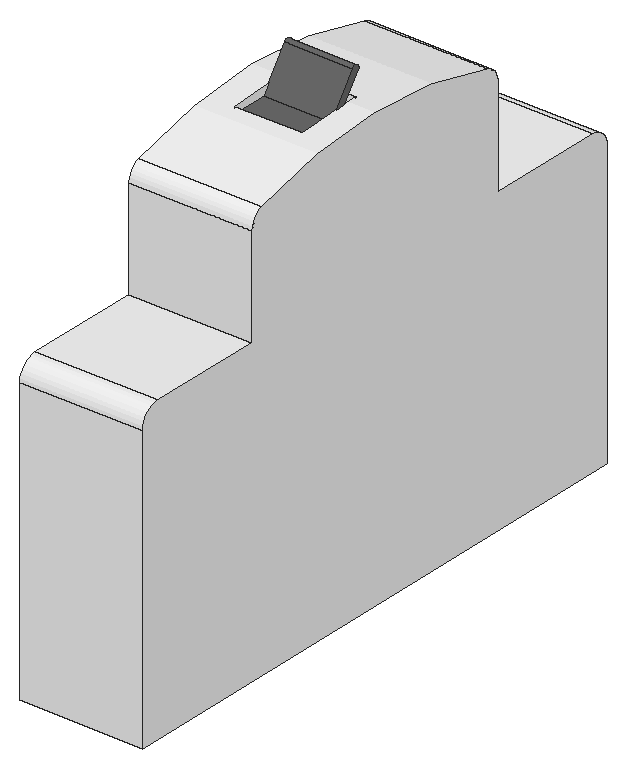
Revit family "Power-ModularDevices-GEWISS-90MCB-MTC45_1PN", category Apparecchi elettrici, host Superficie, Revit 2016
Family settings
  Host = Superficie
  Mantenere orientamento annotazione = Sì
  Tipo di parte = Normale
  Quota connettore circolare = Usa diametro
  Numero OmniClass = 23.80.30.14
  Titolo OmniClass = Power Distribution
  Taglio con vuoti quando caricato = No
  Condiviso = Sì
  Punto di calcolo locali = Sì
Parameters (values of type "GW90031 - COMPACT MCB 1P+N C13 4,5KA 1M")
  Voltaggio = 230 V
  Vista di pianta [instance] = yes
  Version file RFA = "19.0"
  URL = "https://www.gewiss.com/ww/en"
  Technical sheet = "https://www.gewiss.com/ww/en/search?q=GW90031"
  Stocking temperature = "-40 +70 °C"
  Standard; = "EN 60898, EN 60947-2"
  Standard = "EN 60898, EN 60947-2"
  Spostamento_x [instance] = 0 mm
  Spostamento effettivo_x [instance] = 4000 mm + Spostamento_x  # 4000 mm
  Spessore = 150 mm
  Simbolo_ [instance] = yes
  Section rigid cable = "<=1x16 - <=1x10+1x6 mm²"
  Section flexible cable = "<=1x10 - <=2x6 mm²"
  SEO = "MCB"
  Realized by GEWISS S.p.A. = ""
  Rated voltage = "230V"
  Rated tightening torque = "1.2 Nm"
  Rated insulation voltage (Ui) = "500V"
  Rated impulse withstand voltage = "4KV"
  Rated frequency (Hz) = "50/60 Hz"
  Rated current: = "13A"
  Rated current (In) = "13A"
  Default Elevation = 1219.2 mm
  Produttore = "GEWISS S.p.A."
  Parti incassate = yes
  Operating temperature = "-25 +60 °C"
  Numero di poli_ = 1
  Number of poles = "1P+N"
  No. of poles = "1P+N"
  No. of modules EN 50022 = "1"
  No. modules = "1"
  Modello = "GW90031"
  Minimum operating voltage = "12V ac/dc"
  Mechanical endurance = "20.000"
  Maximum operating voltage = "440V AC / 220V DC"
  Larghezza = 18 mm  # constant formula
  Label = "MTC 45"
  Interuttore = Grigio scuro
  Insulation voltage = "500V"
  Immagine tipo = GW90031.jpg
  IFC.TypeObject = ""
  IFC.ExportType = ""
  IFC.ExportAs = ""
  IDT = "2dbc19b2-da5e-4e9f-9248-a6ecd1d38506"
  IDF = "7a3b7c7f-80df-42a1-8709-a049bc15c2e7"
  Finitura = Grigio chiaro
  Electrocod = "1411"
  Electrical endurance = "10000"
  EAN code = "8011564225220"
  Distanza orizzontale del simbolo [instance] = 0 mm
  Distanza dal piano [instance] = 21 mm
  Distanza dal muro [instance] = 4.208 mm
  Descrizione = "COMPACT MCB 1P+N C13 4,5KA 1M"
  Description = "COMPACT MINIATURE CIRCUIT BREAKER"
  Curve = "C"
  Catalogue Range = "90 MCB"
  Catalogue = "POWER"
  Carico apparente = 0 VA
  COBie.Tagnumber = ""
  COBie.CreatedOn = ""
  COBie.CreatebBy = ""
  COBie.ComponentRegisterItemID = ""
  COBie.Component.TagNumber = ""
  COBie.Component.Space = ""
  COBie.Component.SerialNumber = ""
  COBie.Component.InstallationDate = ""
  COBie.Component.Description = ""
  COBie.Component.BarCode = ""
  Breaking capacity EN 60947-2 230V (Icu) = "6KA"
  Breaking capacity EN 60947-2 (Ics) = "100% Icu"
  Breaking capacity EN 60898 230V (Icn) = "4500A"
  Breaking capacity EN 60898 (Ics) = "1 x Icn"
  Breaking capacity (EN 60898) = "1 x Icn"
  Altezza = 85 mm
Reference planes
  plane 1 "Centro (Fronte/Retro)": y = 0
  plane 2: z = 0
  plane 3 "Centro (Sinistra/Destra)": x = 0
  plane 4: x = -9
  plane 5: x = 9
  plane 6: y = 42.5
  plane 7: y = -42.5
  plane 8: z = 60
  plane 9 "fori": z = -0.352
  plane 10: x = 5.016
  plane 11: x = -4.969
  plane 12 "scritta": z = 18.599
  plane 13: z = 76.771
  plane 14: y = -24.168
  plane 15: y = -19.765
  plane 16: x = -13.969
  plane 17: x = 16.787
  plane 18: z = 8.27
  plane 19: z = 15.599
  plane 20: z = 21
  plane 21: through (0, -3.625, 76.111) normal (0, -0.809, 0.5878)
  plane 22: y = -8.226
  plane 23: y = 1.53
  plane 24: y = -22.5
  plane 25: y = 22.5
  plane 26: x = 14.016
  plane 27: z = 17.288
  plane 28: x = 90.305
  plane 29: z = -0.352
  plane 30: x = -4000
  plane 31: x = 0
  plane 32: through (-1719.2, -170.6, 1219.2) normal (-0.9397, 0.342, 0)
  plane 33: x = -641.654
  plane 34: through (569, -170.6, 1219.2) normal (-0.9397, -0.342, 0)
Forms (mm)
  Extrusion 1, solid, material "Grigio chiaro" <- "Finitura"
    sketch origin (0, 0, -44.793) x (0, 1, 0) y (0, 0, 1)
      loop
        line (39.866, 44.441) -> (22.5, 44.441) -> (22.5, 59.159)
        arc (22.5, 59.159) -> (21.957, 60.596) -> (20.702, 61.483) r 2.623
        arc (20.702, 61.483) -> (-0.001, 64.801) -> (-20.704, 61.483) r 66.237
        arc (-20.704, 61.483) -> (-21.952, 60.604) -> (-22.5, 59.18) r 2.623
        line (-22.5, 59.18) -> (-22.5, 44.441) -> (-39.676, 44.441)
        arc (-39.676, 44.441) -> (-41.673, 43.614) -> (-42.5, 41.617) r 2.824
        line (-42.5, 41.617) -> (-42.5, 0) -> (42.5, 0) -> (42.5, 41.807)
        arc (42.5, 41.807) -> (41.728, 43.67) -> (39.866, 44.441) r 2.634
    from -9 to 9
  Extrusion 2, solid, material "Grigio chiaro" <- "Finitura", not visible
    sketch origin (0, 0, 13.225) x (0, 1, 0) y (0, 0, 1)
      loop
        line (38.593, 46.775) -> (21.211, 46.775) -> (21.211, 59.159)
        arc (21.211, 59.159) -> (20.668, 60.596) -> (19.413, 61.483) r 2.623
        arc (19.413, 61.483) -> (-1.29, 64.801) -> (-21.993, 61.483) r 66.237
        arc (-21.993, 61.483) -> (-23.247, 60.596) -> (-23.79, 59.159) r 2.623
        line (-23.79, 59.159) -> (-23.79, 46.775) -> (-39.676, 46.775)
        arc (-39.676, 46.775) -> (-41.673, 45.948) -> (-42.5, 43.951) r 2.824
        line (-42.5, 43.951) -> (-42.5, 0) -> (42.5, 0) -> (42.5, 42.868)
        arc (42.5, 42.868) -> (41.356, 45.631) -> (38.593, 46.775) r 3.907
    from -18 to 18
  Extrusion 3, void, not visible
    sketch origin (-13.37, 0, 78.026) x (0, -1, 0) y (1, 0, 0)
      loop
        line (-5.5, -0.5) -> (5.5, -0.5) -> (5.5, 7.5) -> (-5.5, 7.5) -> (-5.5, -0.5)
    from -5.642 to 3.634
  Extrusion 4, void, not visible
    sketch origin (10.703, -0.235, 78.026) x (0, -1, 0) y (1, 0, 0)
      loop
        line (19.529, -4.833) -> (21.726, -4.833) -> (21.726, 3.167) -> (19.529, 3.167) -> (19.529, -4.833)
    from -5.642 to 0
  Extrusion 5, solid, material "Grigio scuro" <- "Interuttore", not visible
    sketch origin (0, 0, 78.026) x (0, -1, 0) y (1, 0, 0)
      loop
        line (21.962, 5.87) -> (21.962, 13.87) -> (19.765, 13.87) -> (19.765, 5.87) -> (21.962, 5.87)
    from -5.642 to -1.744
  Extrusion 6, void, not visible
    sketch origin (13.37, 0, 78.026) x (0, -1, 0) y (1, 0, 0)
      loop
        line (-5.5, -7.5) -> (5.5, -7.5) -> (5.5, 0.5) -> (-5.5, 0.5) -> (-5.5, -7.5)
    from -5.642 to 3.634
  Extrusion 7, solid, material "Grigio scuro" <- "Interuttore", not visible
    sketch origin (-13.37, 0, 78.026) x (0, -1, 0) y (1, 0, 0)
      loop
        line (5.5, -0.5) -> (5.5, 7.5) -> (-5.5, 7.5) -> (-5.5, -0.5) -> (5.5, -0.5)
    from -5.642 to -1.255
  Extrusion 8, solid, material "Grigio scuro" <- "Interuttore", not visible
    sketch origin (13.37, 0, 78.026) x (0, -1, 0) y (1, 0, 0)
      loop
        line (5.5, -7.5) -> (5.5, 0.5) -> (-5.5, 0.5) -> (-5.5, -7.5) -> (5.5, -7.5)
    from -5.642 to -1.255
  Extrusion 9, solid, material "Grigio scuro" <- "Interuttore", not visible
    sketch origin (0, 0, 0) x (0, 1, 0) y (0, 0, 1)
      loop
        line (-0.028, 72.353) -> (5.853, 81.071)
        arc (5.853, 81.071) -> (5.65, 82.112) -> (4.609, 81.91) r 0.75
        line (4.609, 81.91) -> (-1.228, 73.257) -> (-0.028, 72.353)
    from -13.87 to 13.87
  Extrusion 10, solid, material "Grigio scuro" <- "Interuttore", not visible
    sketch origin (0, 0, 0) x (0, 1, 0) y (0, 0, 1)
      loop
        line (-0.028, 72.353) -> (5.853, 81.071)
        arc (5.853, 81.071) -> (5.65, 82.112) -> (4.609, 81.91) r 0.75
        line (4.609, 81.91) -> (-1.228, 73.257) -> (-0.028, 72.353)
    from -13.87 to 13.87
  Extrusion 11, solid, material "Grigio scuro" <- "Interuttore", not visible
    sketch origin (0, 0, 78.026) x (0, -1, 0) y (1, 0, 0)
      loop
        line (21.962, 5.87) -> (21.962, 13.87) -> (19.765, 13.87) -> (19.765, 5.87) -> (21.962, 5.87)
    from -4.139 to -1.255
  Extrusion 12, solid, material "Grigio scuro" <- "Interuttore", not visible
    sketch origin (-13.37, 0, 78.026) x (0, -1, 0) y (1, 0, 0)
      loop
        line (5.5, -0.5) -> (5.5, 7.5) -> (-5.5, 7.5) -> (-5.5, -0.5) -> (5.5, -0.5)
    from -5.642 to -1.255
  Extrusion 13, solid, material "Grigio scuro" <- "Interuttore", not visible
    sketch origin (13.37, 0, 78.026) x (0, -1, 0) y (1, 0, 0)
      loop
        line (5.5, -7.5) -> (5.5, 0.5) -> (-5.5, 0.5) -> (-5.5, -7.5) -> (5.5, -7.5)
    from -5.642 to -1.255
  Extrusion 14, solid, material "Grigio scuro" <- "Interuttore", not visible
    sketch origin (0, 0, 0) x (0, 1, 0) y (0, 0, 1)
      loop
        line (0, 75.951) -> (9.183, 88.589)
        arc (9.183, 88.589) -> (9.007, 89.624) -> (7.969, 89.471) r 0.75
        line (7.969, 89.471) -> (-1.854, 75.951) -> (0, 75.951)
    from -13.87 to 13.87
  Extrusion 15, void
    sketch origin (0, 0, 18.599) x (0, -1, 0) y (1, 0, 0)
      loop
        line (8.226, -4.969) -> (8.226, 5.016) -> (-1.53, 5.016) -> (-1.53, -4.969) -> (8.226, -4.969)
    from -3 to 2.401
  Extrusion 16, solid, material "Grigio scuro" <- "Interuttore"
    sketch origin (0, 0, 18.599) x (0, -1, 0) y (1, 0, 0)
      loop
        line (8.226, -4.969) -> (8.226, 5.016) -> (-1.53, 5.016) -> (-1.53, -4.969) -> (8.226, -4.969)
    from -3 to 0
  Extrusion 17, solid, material "Grigio scuro" <- "Interuttore"
    sketch origin (0, 0, -60.352) x (0, 1, 0) y (0, 0, 1)
      loop
        line (-3.741, 75.951) -> (1.868, 83.671)
        arc (1.868, 83.671) -> (1.773, 84.475) -> (0.978, 84.317) r 0.552
        line (0.978, 84.317) -> (-5.101, 75.951) -> (-3.741, 75.951)
    from -4.969 to 5.016
  Extrusion 18, solid, material "Grigio scuro" <- "Interuttore", not visible
    sketch origin (-4.72, 0, 0) x (0, 1, 0) y (0, 0, 1)
      loop
        line (-3.741, 75.951) -> (1.868, 83.671)
        arc (1.868, 83.671) -> (1.773, 84.475) -> (0.978, 84.317) r 0.552
        line (0.978, 84.317) -> (-5.101, 75.951) -> (-3.741, 75.951)
    from -4.969 to 5.016
  Extrusion 19, solid, material "Grigio chiaro" <- "Finitura", not visible
    sketch origin (0, 0, 15.559) x (0, 1, 0) y (0, 0, 1)
      loop
        line (39.866, 44.441) -> (22.5, 44.441) -> (22.5, 59.159)
        arc (22.5, 59.159) -> (21.957, 60.596) -> (20.702, 61.483) r 2.623
        arc (20.702, 61.483) -> (-0.001, 64.801) -> (-20.704, 61.483) r 66.237
        arc (-20.704, 61.483) -> (-21.952, 60.604) -> (-22.5, 59.18) r 2.623
        line (-22.5, 59.18) -> (-22.5, 44.441) -> (-39.676, 44.441)
        arc (-39.676, 44.441) -> (-41.673, 43.614) -> (-42.5, 41.617) r 2.824
        line (-42.5, 41.617) -> (-42.5, 0) -> (42.5, 0) -> (42.5, 41.807)
        arc (42.5, 41.807) -> (41.728, 43.67) -> (39.866, 44.441) r 2.634
    from -9 to 9
  Extrusion 20, void, not visible
    sketch origin (0, 0, 78.951) x (0, -1, 0) y (1, 0, 0)
      loop
        line (8.226, -4.969) -> (8.226, 5.016) -> (-1.53, 5.016) -> (-1.53, -4.969) -> (8.226, -4.969)
    from -3 to 2.401
  Extrusion 21, solid, material "Grigio scuro" <- "Interuttore", not visible
    sketch origin (0, 0, 78.951) x (0, -1, 0) y (1, 0, 0)
      loop
        line (8.226, -4.969) -> (8.226, 5.016) -> (-1.53, 5.016) -> (-1.53, -4.969) -> (8.226, -4.969)
    from -3 to 0
  Extrusion 22, solid, material "Grigio scuro" <- "Interuttore", not visible
    sketch origin (0, 0, 0) x (0, 1, 0) y (0, 0, 1)
      loop
        line (-3.741, 75.951) -> (1.868, 83.671)
        arc (1.868, 83.671) -> (1.773, 84.475) -> (0.978, 84.317) r 0.552
        line (0.978, 84.317) -> (-5.101, 75.951) -> (-3.741, 75.951)
    from -4.969 to 5.016
Cuts and joins
  Extrusion 15 cuts Extrusion 1
Lines and regions (mm)
  Masking region 1, visible <- "Vista di pianta"
    outline origin (0, 0, 0) x (1, 0, 0) y (0, 0, 1)
      loop
        line (-9, 21) -> (-9, -44.793) -> (9, -44.793) -> (9, 21) -> (-9, 21)
  Masking region 2
    outline origin (0, 0, 0) x (0, 1, 0) y (0, 0, 1)
      loop
        line (42.5, -44.793) -> (42.5, -2.986)
        arc (42.5, -2.986) -> (41.728, -1.123) -> (39.866, -0.352) r 2.634
        line (39.866, -0.352) -> (22.5, -0.352) -> (22.5, 14.366)
        arc (22.5, 14.366) -> (21.957, 15.803) -> (20.702, 16.689) r 2.623
        arc (20.702, 16.689) -> (-0.001, 20.008) -> (-20.704, 16.689) r 66.237
        arc (-20.704, 16.689) -> (-21.952, 15.811) -> (-22.5, 14.386) r 2.623
        line (-22.5, 14.386) -> (-22.5, -0.352) -> (-39.676, -0.352)
        arc (-39.676, -0.352) -> (-41.673, -1.179) -> (-42.5, -3.176) r 2.824
        line (-42.5, -3.176) -> (-42.5, -44.793) -> (42.5, -44.793)
  model lines, not visible, detail levels medium+fine
    curve 1: circle (-4.5, -31.836, 66.346) r 2.5 normal (0, 0, -1)
    curve 227: circle (-4.5, -35.586, 30) r 2.5 normal (0, 0, -1)
    curve 228: circle (-4.5, 33.75, 30) r 2.5 normal (0, 0, -1)
    curve 366: circle (-4.5, 33.75, 60) r 2.5 normal (0, 0, -1)
    curve 367: circle (-4.5, -33.75, 60) r 2.5 normal (0, 0, 1)
    curve 369: circle (4.5, -31.836, 66.346) r 2.5 normal (0, 0, -1)
    curve 371: circle (4.5, -35.586, 30) r 2.5 normal (0, 0, -1)
    curve 372: circle (4.5, 33.75, 30) r 2.5 normal (0, 0, -1)
    curve 373: circle (4.5, 33.75, 60) r 2.5 normal (0, 0, -1)
    curve 374: circle (4.5, -33.75, 60) r 2.5 normal (0, 0, 1)
  model lines, detail levels medium+fine
    curve 2: circle (-4.5, 33.75, -0.352) r 2.5 normal (0, 0, -1)
    curve 229: circle (-4.5, -33.75, -0.352) r 2.5 normal (0, 0, 1)
    curve 368: circle (4.5, -33.75, -0.352) r 2.5 normal (0, 0, 1)
    curve 370: circle (4.5, 33.75, -0.352) r 2.5 normal (0, 0, -1)
  symbolic lines, style "GW - SCRITTA", detail levels medium+fine
    curve 3: arc (-6.924, -21.97, 18.599) -> (-8.824, -20.068, 18.599) -> (-6.92, -18.169, 18.599) r 1.901
    curve 4: arc (7.153, -21.97, 18.599) -> (8.376, -21.039, 18.599) -> (8.747, -19.547, 18.599) r 2.318
    curve 5: arc (6.928, -18.169, 18.599) -> (7.854, -18.551, 18.599) -> (8.605, -19.213, 18.599) r 3.037
    curve 6: line (-6.11, -19.548, 18.599) -> (-6.11, -21.97, 18.599)
    curve 7: line (-6.11, -18.169, 18.599) -> (-6.11, -19.213, 18.599)
    curve 8: line (-6.11, -19.213, 18.599) -> (-7.488, -19.213, 18.599)
    curve 9: line (-7.488, -19.213, 18.599) -> (-7.488, -20.926, 18.599)
    curve 10: line (-7.153, -20.926, 18.599) -> (-7.153, -19.548, 18.599)
    curve 11: line (-7.153, -19.548, 18.599) -> (-6.11, -19.548, 18.599)
    curve 12: line (-2.831, -21.97, 18.599) -> (-5.776, -21.97, 18.599)
    curve 13: line (-5.776, -21.97, 18.599) -> (-5.776, -18.169, 18.599)
    curve 14: line (-5.776, -18.169, 18.599) -> (-4.209, -18.169, 18.599)
    curve 15: line (-4.209, -18.169, 18.599) -> (-4.209, -19.213, 18.599)
    curve 16: line (-4.732, -19.547, 18.599) -> (-2.831, -19.547, 18.599)
    curve 17: line (-2.831, -19.547, 18.599) -> (-2.831, -20.592, 18.599)
    curve 18: line (-2.831, -20.592, 18.599) -> (-4.731, -20.592, 18.599)
    curve 19: line (-4.731, -20.926, 18.599) -> (-2.831, -20.926, 18.599)
    curve 20: line (-2.831, -20.926, 18.599) -> (-2.831, -21.97, 18.599)
    curve 21: line (2.495, -21.97, 18.599) -> (2.495, -19.547, 18.599)
    curve 22: line (2.495, -19.547, 18.599) -> (1.451, -19.547, 18.599)
    curve 23: line (1.451, -19.547, 18.599) -> (1.451, -21.97, 18.599)
    curve 24: line (1.451, -21.97, 18.599) -> (2.495, -21.97, 18.599)
    curve 25: line (-1.003, -21.97, 18.599) -> (-0.69, -20.404, 18.599)
    curve 26: line (-0.69, -20.404, 18.599) -> (-0.377, -21.97, 18.599)
    curve 27: line (-0.377, -21.97, 18.599) -> (0.668, -21.97, 18.599)
    curve 28: line (0.668, -21.97, 18.599) -> (1.315, -19.213, 18.599)
    curve 29: line (1.315, -19.213, 18.599) -> (2.495, -19.213, 18.599)
    curve 30: line (2.495, -19.213, 18.599) -> (2.495, -18.169, 18.599)
    curve 31: line (2.495, -18.169, 18.599) -> (0.49, -18.169, 18.599)
    curve 32: line (0.49, -18.169, 18.599) -> (0.114, -19.777, 18.599)
    curve 33: line (0.114, -19.777, 18.599) -> (-0.147, -18.169, 18.599)
    curve 34: line (-0.147, -18.169, 18.599) -> (-1.233, -18.169, 18.599)
    curve 35: line (-1.233, -18.169, 18.599) -> (-1.494, -19.777, 18.599)
    curve 36: line (-1.494, -19.777, 18.599) -> (-1.87, -18.169, 18.599)
    curve 37: line (-1.87, -18.169, 18.599) -> (-3.875, -18.169, 18.599)
    curve 38: line (-3.875, -18.169, 18.599) -> (-3.875, -19.213, 18.599)
    curve 39: line (-3.875, -19.213, 18.599) -> (-2.695, -19.213, 18.599)
    curve 40: line (-2.695, -19.213, 18.599) -> (-2.049, -21.97, 18.599)
    curve 41: line (-2.049, -21.97, 18.599) -> (-1.003, -21.97, 18.599)
    curve 42: line (5.774, -18.169, 18.599) -> (2.829, -18.169, 18.599)
    curve 43: line (2.829, -18.169, 18.599) -> (2.829, -20.592, 18.599)
    curve 44: line (2.829, -20.592, 18.599) -> (4.73, -20.592, 18.599)
    curve 45: line (4.73, -20.926, 18.599) -> (2.829, -20.926, 18.599)
    curve 46: line (2.829, -20.926, 18.599) -> (2.829, -21.97, 18.599)
    curve 47: line (2.829, -21.97, 18.599) -> (5.774, -21.97, 18.599)
    curve 48: line (5.774, -21.97, 18.599) -> (5.774, -19.547, 18.599)
    curve 49: line (5.774, -19.547, 18.599) -> (3.874, -19.547, 18.599)
    curve 50: line (3.874, -19.213, 18.599) -> (5.774, -19.213, 18.599)
    curve 51: line (5.774, -19.213, 18.599) -> (5.774, -18.169, 18.599)
    curve 52: line (6.108, -18.169, 18.599) -> (6.108, -20.592, 18.599)
    curve 53: line (6.108, -20.592, 18.599) -> (7.881, -20.592, 18.599)
    curve 54: line (7.881, -20.926, 18.599) -> (6.108, -20.926, 18.599)
    curve 55: line (6.108, -20.926, 18.599) -> (6.108, -21.97, 18.599)
    curve 56: line (6.108, -21.97, 18.599) -> (7.153, -21.97, 18.599)
    curve 61: line (-3.473, 11.03, 18.599) -> (-8.749, 8.837, 18.599)
    curve 62: line (-8.749, 8.837, 18.599) -> (-8.749, 1.53, 18.599)
    curve 63: line (-8.749, 1.53, 18.599) -> (9, 1.53, 18.599)
    curve 64: line (-4.969, -8.226, 18.599) -> (-4.969, 1.53, 18.599)
    curve 65: line (5.016, -2.97, 18.599) -> (-4.969, -2.97, 18.599)
    curve 66: line (5.016, -4.97, 18.599) -> (-4.969, -4.97, 18.599)
    curve 67: line (5.016, 1.53, 18.599) -> (5.016, -8.226, 18.599)
    curve 70: line (-8.749, 7.03, 18.599) -> (8.749, 7.03, 18.599)
    curve 104: line (-6.92, -18.169, 18.599) -> (-6.11, -18.169, 18.599)
    curve 105: line (-6.924, -21.97, 18.599) -> (-6.11, -21.97, 18.599)
    curve 106: line (-7.488, -20.926, 18.599) -> (-7.153, -20.926, 18.599)
    curve 107: line (-4.209, -19.213, 18.599) -> (-4.732, -19.213, 18.599)
    curve 108: line (-4.732, -19.547, 18.599) -> (-4.732, -19.213, 18.599)
    curve 109: line (-4.731, -20.926, 18.599) -> (-4.731, -20.592, 18.599)
    curve 110: line (3.874, -19.547, 18.599) -> (3.874, -19.213, 18.599)
    curve 111: line (4.73, -20.592, 18.599) -> (4.73, -20.926, 18.599)
    curve 112: line (6.108, -18.169, 18.599) -> (6.928, -18.169, 18.599)
    curve 362: line (3.473, 11.03, 18.599) -> (8.749, 8.837, 18.599)
    curve 363: line (8.749, 8.837, 18.599) -> (8.749, 1.53, 18.599)
  symbolic lines, style "PLANIMETRIA", detail levels medium+fine
    curve 57: line (8.747, -19.547, 18.599) -> (7.153, -19.547, 18.599)
    curve 58: line (7.153, -19.213, 18.599) -> (8.605, -19.213, 18.599)
  symbolic lines, style "GW - SCRITTA"
    curve 59: line (-9, 22.5, 18.599) -> (9, 22.5, 18.599)
    curve 60: line (-9, -13.226, 18.599) -> (9, -13.226, 18.599)
    curve 69: line (-9, -8.226, 18.599) -> (9, -8.226, 18.599)
    curve 99: line (-9, 11.03, 18.599) -> (9, 11.03, 18.599)
  symbolic lines, style "PLANIMETRIA"
    curve 68: line (-9, -22.5, 18.599) -> (9, -22.5, 18.599)
    curve 101: line (-9, 22.5, 18.599) -> (-9, -22.5, 18.599)
    curve 102: line (9, -22.5, 18.599) -> (9, 22.5, 18.599)
  symbolic lines, style "GW - SCRITTA", visible <- "Parti incassate"
    curve 71: line (9, -42.5, 18.599) -> (9, -22.5, 18.599)
    curve 72: line (9, 42.5, 18.599) -> (-9, 42.5, 18.599)
    curve 73: line (-9, 42.5, 18.599) -> (-9, 22.5, 18.599)
    curve 74: line (-9, -42.5, 18.599) -> (9, -42.5, 18.599)
    curve 100: line (9, 22.5, 18.599) -> (9, 42.5, 18.599)
    curve 103: line (-9, -22.5, 18.599) -> (-9, -42.5, 18.599)
  symbolic lines, style "GW - SCRITTA", visible <- "Parti incassate", detail levels fine
    curve 75: line (-4.5, 31.163, 18.599) -> (-5.793, 31.51, 18.599)
    curve 76: line (-5.793, 31.51, 18.599) -> (-6.74, 32.457, 18.599)
    curve 77: line (-6.74, 32.457, 18.599) -> (-7.087, 33.75, 18.599)
    curve 78: line (-7.087, 33.75, 18.599) -> (-6.74, 35.043, 18.599)
    curve 79: line (-6.74, 35.043, 18.599) -> (-5.793, 35.99, 18.599)
    curve 80: line (-5.793, 35.99, 18.599) -> (-4.5, 36.337, 18.599)
    curve 81: line (-4.5, 36.337, 18.599) -> (-3.207, 35.99, 18.599)
    curve 82: line (-3.207, 35.99, 18.599) -> (-2.26, 35.043, 18.599)
    curve 83: line (-2.26, 35.043, 18.599) -> (-1.913, 33.75, 18.599)
    curve 84: line (-1.913, 33.75, 18.599) -> (-2.26, 32.457, 18.599)
    curve 85: line (-2.26, 32.457, 18.599) -> (-3.207, 31.51, 18.599)
    curve 86: line (-3.207, 31.51, 18.599) -> (-4.5, 31.163, 18.599)
    curve 87: line (-4.5, -36.337, 18.599) -> (-5.793, -35.99, 18.599)
    curve 88: line (-5.793, -35.99, 18.599) -> (-6.74, -35.043, 18.599)
    curve 89: line (-6.74, -35.043, 18.599) -> (-7.087, -33.75, 18.599)
    curve 90: line (-7.087, -33.75, 18.599) -> (-6.74, -32.457, 18.599)
    curve 91: line (-6.74, -32.457, 18.599) -> (-5.793, -31.51, 18.599)
    curve 92: line (-5.793, -31.51, 18.599) -> (-4.5, -31.163, 18.599)
    curve 93: line (-4.5, -31.163, 18.599) -> (-3.207, -31.51, 18.599)
    curve 94: line (-3.207, -31.51, 18.599) -> (-2.26, -32.457, 18.599)
    curve 95: line (-2.26, -32.457, 18.599) -> (-1.913, -33.75, 18.599)
    curve 96: line (-1.913, -33.75, 18.599) -> (-2.26, -35.043, 18.599)
    curve 97: line (-2.26, -35.043, 18.599) -> (-3.207, -35.99, 18.599)
    curve 98: line (-3.207, -35.99, 18.599) -> (-4.5, -36.337, 18.599)
    curve 375: line (4.5, -36.337, 18.599) -> (3.207, -35.99, 18.599)
    curve 376: line (3.207, -35.99, 18.599) -> (2.26, -35.043, 18.599)
    curve 377: line (2.26, -35.043, 18.599) -> (1.913, -33.75, 18.599)
    curve 378: line (1.913, -33.75, 18.599) -> (2.26, -32.457, 18.599)
    curve 379: line (2.26, -32.457, 18.599) -> (3.207, -31.51, 18.599)
    curve 380: line (3.207, -31.51, 18.599) -> (4.5, -31.163, 18.599)
    curve 381: line (4.5, -31.163, 18.599) -> (5.793, -31.51, 18.599)
    curve 382: line (5.793, -31.51, 18.599) -> (6.74, -32.457, 18.599)
    curve 383: line (6.74, -32.457, 18.599) -> (7.087, -33.75, 18.599)
    curve 384: line (7.087, -33.75, 18.599) -> (6.74, -35.043, 18.599)
    curve 385: line (6.74, -35.043, 18.599) -> (5.793, -35.99, 18.599)
    curve 386: line (5.793, -35.99, 18.599) -> (4.5, -36.337, 18.599)
    curve 387: line (4.5, 31.163, 18.599) -> (3.207, 31.51, 18.599)
    curve 388: line (3.207, 31.51, 18.599) -> (2.26, 32.457, 18.599)
    curve 389: line (2.26, 32.457, 18.599) -> (1.913, 33.75, 18.599)
    curve 390: line (1.913, 33.75, 18.599) -> (2.26, 35.043, 18.599)
    curve 391: line (2.26, 35.043, 18.599) -> (3.207, 35.99, 18.599)
    curve 392: line (3.207, 35.99, 18.599) -> (4.5, 36.337, 18.599)
    curve 393: line (4.5, 36.337, 18.599) -> (5.793, 35.99, 18.599)
    curve 394: line (5.793, 35.99, 18.599) -> (6.74, 35.043, 18.599)
    curve 395: line (6.74, 35.043, 18.599) -> (7.087, 33.75, 18.599)
    curve 396: line (7.087, 33.75, 18.599) -> (6.74, 32.457, 18.599)
    curve 397: line (6.74, 32.457, 18.599) -> (5.793, 31.51, 18.599)
    curve 398: line (5.793, 31.51, 18.599) -> (4.5, 31.163, 18.599)
  symbolic lines, style "InvisibleLines", detail levels medium+fine
    curve 113: line (7.153, -19.213, 18.599) -> (7.153, -19.547, 18.599)
    curve 114: line (7.881, -20.592, 18.599) -> (7.881, -20.926, 18.599)
  symbolic lines, style "GW - SCRITTA", not visible, detail levels medium+fine
    curve 115: arc (92.876, 64.558, 18.599) -> (90.976, 66.461, 18.599) -> (92.88, 68.36, 18.599) r 1.901
    curve 116: arc (106.953, 64.558, 18.599) -> (108.176, 65.49, 18.599) -> (108.548, 66.981, 18.599) r 2.318
    curve 117: arc (106.728, 68.36, 18.599) -> (107.654, 67.978, 18.599) -> (108.405, 67.315, 18.599) r 3.037
    curve 118: line (93.69, 66.981, 18.599) -> (93.69, 64.558, 18.599)
    curve 119: line (93.69, 68.36, 18.599) -> (93.69, 67.315, 18.599)
    curve 120: line (93.69, 67.315, 18.599) -> (92.312, 67.315, 18.599)
    curve 121: line (92.312, 67.315, 18.599) -> (92.312, 65.603, 18.599)
    curve 122: line (92.647, 65.603, 18.599) -> (92.647, 66.981, 18.599)
    curve 123: line (92.647, 66.981, 18.599) -> (93.69, 66.981, 18.599)
    curve 124: line (96.969, 64.558, 18.599) -> (94.025, 64.558, 18.599)
    curve 125: line (94.025, 64.558, 18.599) -> (94.025, 68.36, 18.599)
    curve 126: line (94.025, 68.36, 18.599) -> (95.591, 68.36, 18.599)
    curve 127: line (95.591, 68.36, 18.599) -> (95.591, 67.315, 18.599)
    curve 128: line (95.068, 66.981, 18.599) -> (96.969, 66.981, 18.599)
    curve 129: line (96.969, 66.981, 18.599) -> (96.969, 65.937, 18.599)
    curve 130: line (96.969, 65.937, 18.599) -> (95.069, 65.937, 18.599)
    curve 131: line (95.069, 65.603, 18.599) -> (96.969, 65.603, 18.599)
    curve 132: line (96.969, 65.603, 18.599) -> (96.969, 64.558, 18.599)
    curve 133: line (102.295, 64.558, 18.599) -> (102.295, 66.981, 18.599)
    curve 134: line (102.295, 66.981, 18.599) -> (101.251, 66.981, 18.599)
    curve 135: line (101.251, 66.981, 18.599) -> (101.251, 64.558, 18.599)
    curve 136: line (101.251, 64.558, 18.599) -> (102.295, 64.558, 18.599)
    curve 137: line (98.797, 64.558, 18.599) -> (99.11, 66.125, 18.599)
    curve 138: line (99.11, 66.125, 18.599) -> (99.423, 64.558, 18.599)
    curve 139: line (99.423, 64.558, 18.599) -> (100.468, 64.558, 18.599)
    curve 140: line (100.468, 64.558, 18.599) -> (101.115, 67.315, 18.599)
    curve 141: line (101.115, 67.315, 18.599) -> (102.295, 67.315, 18.599)
    curve 142: line (102.295, 67.315, 18.599) -> (102.295, 68.36, 18.599)
    curve 143: line (102.295, 68.36, 18.599) -> (100.29, 68.36, 18.599)
    curve 144: line (100.29, 68.36, 18.599) -> (99.914, 66.751, 18.599)
    curve 145: line (99.914, 66.751, 18.599) -> (99.653, 68.36, 18.599)
    curve 146: line (99.653, 68.36, 18.599) -> (98.567, 68.36, 18.599)
    curve 147: line (98.567, 68.36, 18.599) -> (98.306, 66.751, 18.599)
    curve 148: line (98.306, 66.751, 18.599) -> (97.93, 68.36, 18.599)
    curve 149: line (97.93, 68.36, 18.599) -> (95.925, 68.36, 18.599)
    curve 150: line (95.925, 68.36, 18.599) -> (95.925, 67.315, 18.599)
    curve 151: line (95.925, 67.315, 18.599) -> (97.105, 67.315, 18.599)
    curve 152: line (97.105, 67.315, 18.599) -> (97.751, 64.558, 18.599)
    curve 153: line (97.751, 64.558, 18.599) -> (98.797, 64.558, 18.599)
    curve 154: line (105.574, 68.36, 18.599) -> (102.629, 68.36, 18.599)
    curve 155: line (102.629, 68.36, 18.599) -> (102.629, 65.937, 18.599)
    curve 156: line (102.629, 65.937, 18.599) -> (104.53, 65.937, 18.599)
    curve 157: line (104.53, 65.603, 18.599) -> (102.629, 65.603, 18.599)
    curve 158: line (102.629, 65.603, 18.599) -> (102.629, 64.558, 18.599)
    curve 159: line (102.629, 64.558, 18.599) -> (105.574, 64.558, 18.599)
    curve 160: line (105.574, 64.558, 18.599) -> (105.574, 66.981, 18.599)
    curve 161: line (105.574, 66.981, 18.599) -> (103.674, 66.981, 18.599)
    curve 162: line (103.674, 67.315, 18.599) -> (105.574, 67.315, 18.599)
    curve 163: line (105.574, 67.315, 18.599) -> (105.574, 68.36, 18.599)
    curve 164: line (105.908, 68.36, 18.599) -> (105.908, 65.937, 18.599)
    curve 165: line (105.908, 65.937, 18.599) -> (107.681, 65.937, 18.599)
    curve 166: line (107.681, 65.603, 18.599) -> (105.908, 65.603, 18.599)
    curve 167: line (105.908, 65.603, 18.599) -> (105.908, 64.558, 18.599)
    curve 168: line (105.908, 64.558, 18.599) -> (106.953, 64.558, 18.599)
    curve 173: line (96.327, 97.558, 18.599) -> (91.051, 95.366, 18.599)
    curve 174: line (91.051, 95.366, 18.599) -> (91.051, 88.058, 18.599)
    curve 175: line (91.051, 88.058, 18.599) -> (108.8, 88.058, 18.599)
    curve 176: line (94.832, 78.303, 18.599) -> (94.832, 88.058, 18.599)
    curve 177: line (104.816, 83.558, 18.599) -> (94.832, 83.558, 18.599)
    curve 178: line (104.816, 81.558, 18.599) -> (94.832, 81.558, 18.599)
    curve 179: line (104.816, 88.058, 18.599) -> (104.816, 78.303, 18.599)
    curve 182: line (91.051, 93.558, 18.599) -> (108.549, 93.558, 18.599)
    curve 216: line (92.88, 68.36, 18.599) -> (93.69, 68.36, 18.599)
    curve 217: line (92.876, 64.558, 18.599) -> (93.69, 64.558, 18.599)
    curve 218: line (92.312, 65.603, 18.599) -> (92.647, 65.603, 18.599)
    curve 219: line (95.591, 67.315, 18.599) -> (95.068, 67.315, 18.599)
    curve 220: line (95.068, 66.981, 18.599) -> (95.068, 67.315, 18.599)
    curve 221: line (95.069, 65.603, 18.599) -> (95.069, 65.937, 18.599)
    curve 222: line (103.674, 66.981, 18.599) -> (103.674, 67.315, 18.599)
    curve 223: line (104.53, 65.937, 18.599) -> (104.53, 65.603, 18.599)
    curve 224: line (105.908, 68.36, 18.599) -> (106.728, 68.36, 18.599)
    curve 364: line (103.273, 97.558, 18.599) -> (108.549, 95.366, 18.599)
    curve 365: line (108.549, 95.366, 18.599) -> (108.549, 88.058, 18.599)
  symbolic lines, style "PLANIMETRIA", not visible, detail levels medium+fine
    curve 169: line (108.548, 66.981, 18.599) -> (106.953, 66.981, 18.599)
    curve 170: line (106.953, 67.315, 18.599) -> (108.405, 67.315, 18.599)
  symbolic lines, style "GW - SCRITTA", not visible
    curve 171: line (90.8, 109.029, 18.599) -> (108.8, 109.029, 18.599)
    curve 172: line (90.8, 73.303, 18.599) -> (108.8, 73.303, 18.599)
    curve 181: line (90.8, 78.303, 18.599) -> (108.8, 78.303, 18.599)
    curve 211: line (90.8, 97.558, 18.599) -> (108.8, 97.558, 18.599)
  symbolic lines, style "PLANIMETRIA", not visible
    curve 180: line (90.8, 64.029, 18.599) -> (108.8, 64.029, 18.599)
    curve 213: line (90.8, 109.029, 18.599) -> (90.8, 64.029, 18.599)
    curve 214: line (108.8, 64.029, 18.599) -> (108.8, 109.029, 18.599)
  symbolic lines, style "GW - SCRITTA", visible <- "Parti incassate", not visible
    curve 183: line (108.8, 44.029, 18.599) -> (108.8, 64.029, 18.599)
    curve 184: line (108.8, 129.029, 18.599) -> (90.8, 129.029, 18.599)
    curve 185: line (90.8, 129.029, 18.599) -> (90.8, 109.029, 18.599)
    curve 186: line (90.8, 44.029, 18.599) -> (108.8, 44.029, 18.599)
    curve 212: line (108.8, 109.029, 18.599) -> (108.8, 129.029, 18.599)
    curve 215: line (90.8, 64.029, 18.599) -> (90.8, 44.029, 18.599)
  symbolic lines, style "GW - SCRITTA", visible <- "Parti incassate", not visible, detail levels fine
    curve 187: line (95.3, 117.692, 18.599) -> (94.007, 118.038, 18.599)
    curve 188: line (94.007, 118.038, 18.599) -> (93.06, 118.985, 18.599)
    curve 189: line (93.06, 118.985, 18.599) -> (92.713, 120.279, 18.599)
    curve 190: line (92.713, 120.279, 18.599) -> (93.06, 121.572, 18.599)
    curve 191: line (93.06, 121.572, 18.599) -> (94.007, 122.519, 18.599)
    curve 192: line (94.007, 122.519, 18.599) -> (95.3, 122.865, 18.599)
    curve 193: line (95.3, 122.865, 18.599) -> (96.593, 122.519, 18.599)
    curve 194: line (96.593, 122.519, 18.599) -> (97.54, 121.572, 18.599)
    curve 195: line (97.54, 121.572, 18.599) -> (97.887, 120.279, 18.599)
    curve 196: line (97.887, 120.279, 18.599) -> (97.54, 118.985, 18.599)
    curve 197: line (97.54, 118.985, 18.599) -> (96.593, 118.038, 18.599)
    curve 198: line (96.593, 118.038, 18.599) -> (95.3, 117.692, 18.599)
    curve 199: line (95.3, 50.192, 18.599) -> (94.007, 50.538, 18.599)
    curve 200: line (94.007, 50.538, 18.599) -> (93.06, 51.485, 18.599)
    curve 201: line (93.06, 51.485, 18.599) -> (92.713, 52.779, 18.599)
    curve 202: line (92.713, 52.779, 18.599) -> (93.06, 54.072, 18.599)
    curve 203: line (93.06, 54.072, 18.599) -> (94.007, 55.019, 18.599)
    curve 204: line (94.007, 55.019, 18.599) -> (95.3, 55.365, 18.599)
    curve 205: line (95.3, 55.365, 18.599) -> (96.593, 55.019, 18.599)
    curve 206: line (96.593, 55.019, 18.599) -> (97.54, 54.072, 18.599)
    curve 207: line (97.54, 54.072, 18.599) -> (97.887, 52.779, 18.599)
    curve 208: line (97.887, 52.779, 18.599) -> (97.54, 51.485, 18.599)
    curve 209: line (97.54, 51.485, 18.599) -> (96.593, 50.538, 18.599)
    curve 210: line (96.593, 50.538, 18.599) -> (95.3, 50.192, 18.599)
    curve 399: line (104.3, 50.192, 18.599) -> (103.007, 50.538, 18.599)
    curve 400: line (103.007, 50.538, 18.599) -> (102.06, 51.485, 18.599)
    curve 401: line (102.06, 51.485, 18.599) -> (101.713, 52.779, 18.599)
    curve 402: line (101.713, 52.779, 18.599) -> (102.06, 54.072, 18.599)
    curve 403: line (102.06, 54.072, 18.599) -> (103.007, 55.019, 18.599)
    curve 404: line (103.007, 55.019, 18.599) -> (104.3, 55.365, 18.599)
    curve 405: line (104.3, 55.365, 18.599) -> (105.593, 55.019, 18.599)
    curve 406: line (105.593, 55.019, 18.599) -> (106.54, 54.072, 18.599)
    curve 407: line (106.54, 54.072, 18.599) -> (106.887, 52.779, 18.599)
    curve 408: line (106.887, 52.779, 18.599) -> (106.54, 51.485, 18.599)
    curve 409: line (106.54, 51.485, 18.599) -> (105.593, 50.538, 18.599)
    curve 410: line (105.593, 50.538, 18.599) -> (104.3, 50.192, 18.599)
    curve 411: line (104.3, 117.692, 18.599) -> (103.007, 118.038, 18.599)
    curve 412: line (103.007, 118.038, 18.599) -> (102.06, 118.985, 18.599)
    curve 413: line (102.06, 118.985, 18.599) -> (101.713, 120.279, 18.599)
    curve 414: line (101.713, 120.279, 18.599) -> (102.06, 121.572, 18.599)
    curve 415: line (102.06, 121.572, 18.599) -> (103.007, 122.519, 18.599)
    curve 416: line (103.007, 122.519, 18.599) -> (104.3, 122.865, 18.599)
    curve 417: line (104.3, 122.865, 18.599) -> (105.593, 122.519, 18.599)
    curve 418: line (105.593, 122.519, 18.599) -> (106.54, 121.572, 18.599)
    curve 419: line (106.54, 121.572, 18.599) -> (106.887, 120.279, 18.599)
    curve 420: line (106.887, 120.279, 18.599) -> (106.54, 118.985, 18.599)
    curve 421: line (106.54, 118.985, 18.599) -> (105.593, 118.038, 18.599)
    curve 422: line (105.593, 118.038, 18.599) -> (104.3, 117.692, 18.599)
  symbolic lines, style "InvisibleLines", not visible, detail levels medium+fine
    curve 225: line (106.953, 67.315, 18.599) -> (106.953, 66.981, 18.599)
    curve 226: line (107.681, 65.937, 18.599) -> (107.681, 65.603, 18.599)
  model lines, style "GW - Apparecchi elettrici", not visible
    curve 230: line (78.1, -131.654, 78.951) -> (78.1, -46.654, 78.951)
    curve 231: line (78.1, -46.654, 78.951) -> (60.1, -46.654, 78.951)
    curve 232: line (60.1, -46.654, 78.951) -> (60.1, -131.654, 78.951)
    curve 233: line (60.1, -131.654, 78.951) -> (78.1, -131.654, 78.951)
    curve 234: line (60.1, -102.379, 78.951) -> (78.1, -102.379, 78.951)
    curve 235: line (60.351, -82.124, 78.951) -> (77.896, -82.124, 78.951)
    curve 236: line (60.1, -97.379, 78.951) -> (78.1, -97.379, 78.951)
    curve 237: line (60.1, -66.654, 78.951) -> (78.1, -66.654, 78.951)
    curve 238: line (60.1, -111.654, 78.951) -> (78.1, -111.654, 78.951)
    curve 239: line (65.627, -78.124, 78.951) -> (60.351, -80.317, 78.951)
    curve 240: line (60.351, -80.317, 78.951) -> (60.351, -87.624, 78.951)
    curve 241: line (60.351, -87.624, 78.951) -> (77.896, -87.624, 78.951)
    curve 242: line (77.896, -87.624, 78.951) -> (77.896, -80.317, 78.951)
    curve 243: line (77.896, -80.317, 78.951) -> (72.62, -78.124, 78.951)
    curve 244: line (64.131, -97.379, 78.951) -> (64.131, -87.624, 78.951)
    curve 245: line (74.115, -92.124, 78.951) -> (64.131, -92.124, 78.951)
    curve 246: line (74.115, -94.124, 78.951) -> (64.131, -94.124, 78.951)
    curve 247: line (74.115, -87.624, 78.951) -> (74.115, -97.379, 78.951)
    curve 248: line (63.596, -108.069, 78.951) -> (63.596, -110.263, 78.951)
    curve 249: line (63.596, -110.263, 78.951) -> (62.861, -110.263, 78.951)
    curve 250: line (62.861, -110.263, 78.951) -> (62.435, -110.21, 78.951)
    curve 251: line (62.435, -110.21, 78.951) -> (61.913, -109.979, 78.951)
    curve 252: line (61.913, -109.979, 78.951) -> (61.499, -109.594, 78.951)
    curve 253: line (61.499, -109.594, 78.951) -> (61.224, -109.076, 78.951)
    curve 254: line (61.224, -109.076, 78.951) -> (61.139, -108.524, 78.951)
    curve 255: line (61.139, -108.524, 78.951) -> (61.222, -108.015, 78.951)
    curve 256: line (61.222, -108.015, 78.951) -> (61.442, -107.567, 78.951)
    curve 257: line (61.442, -107.567, 78.951) -> (61.837, -107.157, 78.951)
    curve 258: line (61.837, -107.157, 78.951) -> (62.316, -106.908, 78.951)
    curve 259: line (62.316, -106.908, 78.951) -> (62.854, -106.82, 78.951)
    curve 260: line (62.854, -106.82, 78.951) -> (63.596, -106.82, 78.951)
    curve 261: line (63.596, -106.82, 78.951) -> (63.596, -107.766, 78.951)
    curve 262: line (63.596, -107.766, 78.951) -> (62.347, -107.766, 78.951)
    curve 263: line (62.347, -107.766, 78.951) -> (62.347, -109.317, 78.951)
    curve 264: line (62.347, -109.317, 78.951) -> (62.651, -109.317, 78.951)
    curve 265: line (62.651, -109.317, 78.951) -> (62.651, -108.069, 78.951)
    curve 266: line (62.651, -108.069, 78.951) -> (63.596, -108.069, 78.951)
    curve 267: line (66.567, -110.263, 78.951) -> (63.899, -110.263, 78.951)
    curve 268: line (63.899, -110.263, 78.951) -> (63.899, -106.82, 78.951)
    curve 269: line (63.899, -106.82, 78.951) -> (65.318, -106.82, 78.951)
    curve 270: line (65.318, -106.82, 78.951) -> (65.318, -107.766, 78.951)
    curve 271: line (65.318, -107.766, 78.951) -> (64.845, -107.766, 78.951)
    curve 272: line (64.845, -107.766, 78.951) -> (64.845, -108.068, 78.951)
    curve 273: line (64.845, -108.068, 78.951) -> (66.567, -108.068, 78.951)
    curve 274: line (66.567, -108.068, 78.951) -> (66.567, -109.015, 78.951)
    curve 275: line (66.567, -109.015, 78.951) -> (64.845, -109.015, 78.951)
    curve 276: line (64.845, -109.015, 78.951) -> (64.845, -109.317, 78.951)
    curve 277: line (64.845, -109.317, 78.951) -> (66.567, -109.317, 78.951)
    curve 278: line (66.567, -109.317, 78.951) -> (66.567, -110.263, 78.951)
    curve 279: line (71.392, -110.263, 78.951) -> (71.392, -108.069, 78.951)
    curve 280: line (71.392, -108.069, 78.951) -> (70.446, -108.069, 78.951)
    curve 281: line (70.446, -108.069, 78.951) -> (70.446, -110.263, 78.951)
    curve 282: line (70.446, -110.263, 78.951) -> (71.392, -110.263, 78.951)
    curve 283: line (68.223, -110.263, 78.951) -> (68.506, -108.844, 78.951)
    curve 284: line (68.506, -108.844, 78.951) -> (68.79, -110.263, 78.951)
    curve 285: line (68.79, -110.263, 78.951) -> (69.736, -110.263, 78.951)
    curve 286: line (69.736, -110.263, 78.951) -> (70.323, -107.766, 78.951)
    curve 287: line (70.323, -107.766, 78.951) -> (71.392, -107.766, 78.951)
    curve 288: line (71.392, -107.766, 78.951) -> (71.392, -106.82, 78.951)
    curve 289: line (71.392, -106.82, 78.951) -> (69.576, -106.82, 78.951)
    curve 290: line (69.576, -106.82, 78.951) -> (69.235, -108.277, 78.951)
    curve 291: line (69.235, -108.277, 78.951) -> (68.998, -106.82, 78.951)
    curve 292: line (68.998, -106.82, 78.951) -> (68.015, -106.82, 78.951)
    curve 293: line (68.015, -106.82, 78.951) -> (67.778, -108.277, 78.951)
    curve 294: line (67.778, -108.277, 78.951) -> (67.437, -106.82, 78.951)
    curve 295: line (67.437, -106.82, 78.951) -> (65.621, -106.82, 78.951)
    curve 296: line (65.621, -106.82, 78.951) -> (65.621, -107.766, 78.951)
    curve 297: line (65.621, -107.766, 78.951) -> (66.69, -107.766, 78.951)
    curve 298: line (66.69, -107.766, 78.951) -> (67.275, -110.263, 78.951)
    curve 299: line (67.275, -110.263, 78.951) -> (68.223, -110.263, 78.951)
    curve 300: line (74.363, -106.82, 78.951) -> (71.695, -106.82, 78.951)
    curve 301: line (71.695, -106.82, 78.951) -> (71.695, -109.015, 78.951)
    curve 302: line (71.695, -109.015, 78.951) -> (73.417, -109.015, 78.951)
    curve 303: line (73.417, -109.015, 78.951) -> (73.417, -109.317, 78.951)
    curve 304: line (73.417, -109.317, 78.951) -> (71.695, -109.317, 78.951)
    curve 305: line (71.695, -109.317, 78.951) -> (71.695, -110.263, 78.951)
    curve 306: line (71.695, -110.263, 78.951) -> (74.363, -110.263, 78.951)
    curve 307: line (74.363, -110.263, 78.951) -> (74.363, -108.069, 78.951)
    curve 308: line (74.363, -108.069, 78.951) -> (72.641, -108.069, 78.951)
    curve 309: line (72.641, -108.069, 78.951) -> (72.641, -107.766, 78.951)
    curve 310: line (72.641, -107.766, 78.951) -> (74.363, -107.766, 78.951)
    curve 311: line (74.363, -107.766, 78.951) -> (74.363, -106.82, 78.951)
    curve 312: line (74.665, -106.82, 78.951) -> (74.665, -109.015, 78.951)
    curve 313: line (74.665, -109.015, 78.951) -> (76.271, -109.015, 78.951)
    curve 314: line (76.271, -109.015, 78.951) -> (76.271, -109.317, 78.951)
    curve 315: line (76.271, -109.317, 78.951) -> (74.665, -109.317, 78.951)
    curve 316: line (74.665, -109.317, 78.951) -> (74.665, -110.263, 78.951)
    curve 317: line (74.665, -110.263, 78.951) -> (75.612, -110.263, 78.951)
    curve 318: line (75.612, -110.263, 78.951) -> (76.158, -110.088, 78.951)
    curve 319: line (76.158, -110.088, 78.951) -> (76.511, -109.858, 78.951)
    curve 320: line (76.511, -109.858, 78.951) -> (76.914, -109.363, 78.951)
    curve 321: line (76.914, -109.363, 78.951) -> (77.102, -108.807, 78.951)
    curve 322: line (77.102, -108.807, 78.951) -> (77.107, -108.314, 78.951)
    curve 323: line (77.107, -108.314, 78.951) -> (77.056, -108.069, 78.951)
    curve 324: line (77.056, -108.069, 78.951) -> (75.612, -108.069, 78.951)
    curve 325: line (75.612, -108.069, 78.951) -> (75.612, -107.766, 78.951)
    curve 326: line (75.612, -107.766, 78.951) -> (76.927, -107.766, 78.951)
    curve 327: line (76.927, -107.766, 78.951) -> (76.756, -107.48, 78.951)
    curve 328: line (76.756, -107.48, 78.951) -> (76.51, -107.225, 78.951)
    curve 329: line (76.51, -107.225, 78.951) -> (76.168, -107, 78.951)
    curve 330: line (76.168, -107, 78.951) -> (75.81, -106.869, 78.951)
    curve 331: line (75.81, -106.869, 78.951) -> (75.408, -106.82, 78.951)
    curve 332: line (75.408, -106.82, 78.951) -> (74.665, -106.82, 78.951)
    curve 333: line (69.1, -57.991, 78.951) -> (67.806, -57.644, 78.951)
    curve 334: line (67.806, -57.644, 78.951) -> (66.86, -56.697, 78.951)
    curve 335: line (66.86, -56.697, 78.951) -> (66.513, -55.404, 78.951)
    curve 336: line (66.513, -55.404, 78.951) -> (66.86, -54.111, 78.951)
    curve 337: line (66.86, -54.111, 78.951) -> (67.806, -53.164, 78.951)
    curve 338: line (67.806, -53.164, 78.951) -> (69.1, -52.817, 78.951)
    curve 339: line (69.1, -52.817, 78.951) -> (70.393, -53.164, 78.951)
    curve 340: line (70.393, -53.164, 78.951) -> (71.34, -54.111, 78.951)
    curve 341: line (71.34, -54.111, 78.951) -> (71.687, -55.404, 78.951)
    curve 342: line (71.687, -55.404, 78.951) -> (71.34, -56.697, 78.951)
    curve 343: line (71.34, -56.697, 78.951) -> (70.393, -57.644, 78.951)
    curve 344: line (70.393, -57.644, 78.951) -> (69.1, -57.991, 78.951)
    curve 345: line (70.757, -54.447, 78.951) -> (67.443, -56.361, 78.951)
    curve 346: line (68.143, -53.747, 78.951) -> (70.057, -57.061, 78.951)
    curve 347: line (69.1, -125.491, 78.951) -> (67.806, -125.144, 78.951)
    curve 348: line (67.806, -125.144, 78.951) -> (66.86, -124.197, 78.951)
    curve 349: line (66.86, -124.197, 78.951) -> (66.513, -122.904, 78.951)
    curve 350: line (66.513, -122.904, 78.951) -> (66.86, -121.611, 78.951)
    curve 351: line (66.86, -121.611, 78.951) -> (67.806, -120.664, 78.951)
    curve 352: line (67.806, -120.664, 78.951) -> (69.1, -120.317, 78.951)
    curve 353: line (69.1, -120.317, 78.951) -> (70.393, -120.664, 78.951)
    curve 354: line (70.393, -120.664, 78.951) -> (71.34, -121.611, 78.951)
    curve 355: line (71.34, -121.611, 78.951) -> (71.687, -122.904, 78.951)
    curve 356: line (71.687, -122.904, 78.951) -> (71.34, -124.197, 78.951)
    curve 357: line (71.34, -124.197, 78.951) -> (70.393, -125.144, 78.951)
    curve 358: line (70.393, -125.144, 78.951) -> (69.1, -125.491, 78.951)
    curve 359: line (69.631, -121.066, 78.951) -> (68.569, -124.742, 78.951)
    curve 360: line (67.262, -122.373, 78.951) -> (70.938, -123.435, 78.951)
    curve 361: line (78.1, -78.124, 78.951) -> (60.1, -78.124, 78.951)
Dimensions and locks
  equal spacing: plane 6, plane 1 "Centro (Fronte/Retro)", plane 7
  equal spacing: plane 4, plane 3 "Centro (Sinistra/Destra)", plane 5
  "Larghezza": plane 4 to plane 5
  "Altezza": plane 6 to plane 7
  plane 7 to plane 6 = 85 mm
  locked: plane 9 "fori" to plane 18 at 8.622
  locked: plane 19 to plane 18 at 7.329
  locked: plane 20 to plane 19 at 5.401
  locked: plane 12 "scritta" to plane 19 at 3
  locked: plane 1 "Centro (Fronte/Retro)" to plane 23 at 1.53
  locked: plane 22 to plane 1 "Centro (Fronte/Retro)" at 8.226
  locked: plane 25 to plane 24 at 45
  plane 24 to plane 25 = 45 mm
  locked: plane 12 "scritta" to plane 27 at 1.31
  plane 30 to plane 3 "Centro (Sinistra/Destra)" = 4000 mm
  "Spostamento effettivo_x": plane 30 to plane 31
  "Distanza dal piano": plane 20 to host face
  angle plane 33 to plane 34 = 20.00°
  angle plane 34 to plane 1 "Centro (Fronte/Retro)" = 70.00°
  angle plane 32 to plane 34 = 40.00°
  angle plane 32 to plane 30 = 20.00°
  aligned and locked: plane 2 to host face
  aligned and locked: level to host face
  aligned and locked: Extrusion 1 to plane 4
  aligned and locked: plane 5 to Extrusion 1
  aligned and locked: Extrusion 1 to plane 9 "fori"  (x2)
  aligned and locked: Extrusion 15 to plane 19
  aligned and locked: plane 20 to Extrusion 15
  aligned and locked: Extrusion 16 to plane 19
  aligned and locked: Extrusion 16 to plane 12 "scritta"
  aligned and locked: Extrusion 17 to plane 19
  aligned and locked: Masking region 1 sketch curve to plane 20
  aligned and locked: plane 4 to Masking region 1 sketch curve
  aligned and locked: Masking region 1 sketch curve to cut or joined group of Extrusion 1, Extrusion 15  (x2)
  aligned and locked: plane 25 to curve 59
  aligned and locked: Masking region 2 sketch curve to cut or joined group of Extrusion 1, Extrusion 15  (x8)
  aligned and locked: plane 11 to curve 64
  aligned and locked: plane 10 to curve 67
  aligned and locked: Extrusion 17 to plane 11
  aligned and locked: plane 10 to Extrusion 17
  aligned and locked: curve 2 to plane 9 "fori"
  aligned and locked: plane 9 "fori" to curve 229
  aligned and locked: plane 9 "fori" to plane 29
  aligned and locked: nested 1 to plane 31
Automatic sketch dimensions
  host sketch curve to host sketch curve = 2438.4 mm  (x2)
  Extrusion 2 sketch curve to Extrusion 2 sketch curve = 2.824 mm
  Extrusion 2 sketch curve to Extrusion 2 sketch curve = 2.617 mm  (x2)
  Extrusion 2 sketch curve to Extrusion 2 sketch curve = 3.907 mm
  Extrusion 2 sketch curve to Extrusion 2 sketch curve = 0 mm
  Extrusion 2 sketch curve to Extrusion 2 sketch curve = 15.886 mm
  Extrusion 2 sketch curve to Extrusion 2 sketch curve = 41.21 mm
  Extrusion 2 sketch curve to Extrusion 2 sketch curve = 39.767 mm
  Extrusion 2 sketch curve to Extrusion 2 sketch curve = 17.382 mm
  Extrusion 2 sketch curve to Extrusion 2 sketch curve = 1.436 mm
  Extrusion 2 sketch curve to Extrusion 2 sketch curve = 42.868 mm
  Extrusion 2 sketch curve to Extrusion 2 sketch curve = 43.951 mm
  Extrusion 2 sketch curve to Extrusion 2 sketch curve = 12.216 mm  (x2)
  Extrusion 2 sketch curve to Extrusion 2 sketch curve = 0.168 mm  (x2)
  Extrusion 3 sketch curve to Extrusion 3 sketch curve = 11 mm
  Extrusion 3 sketch curve to Extrusion 3 sketch curve = 8 mm
  Extrusion 4 sketch curve to Extrusion 4 sketch curve = 2.197 mm
  Extrusion 4 sketch curve to Extrusion 4 sketch curve = 8 mm
  Extrusion 5 sketch curve to Extrusion 5 sketch curve = 2.197 mm
  Extrusion 5 sketch curve to Extrusion 5 sketch curve = 8 mm
  Extrusion 6 sketch curve to Extrusion 6 sketch curve = 11 mm
  Extrusion 6 sketch curve to Extrusion 6 sketch curve = 8 mm
  Extrusion 7 sketch curve to Extrusion 7 sketch curve = 11 mm
  Extrusion 7 sketch curve to Extrusion 7 sketch curve = 8 mm
  Extrusion 8 sketch curve to Extrusion 8 sketch curve = 11 mm
  Extrusion 8 sketch curve to Extrusion 8 sketch curve = 8 mm
  Extrusion 9 sketch curve to Extrusion 9 sketch curve = 1.2 mm
  Extrusion 9 sketch curve to Extrusion 9 sketch curve = 5.837 mm
  Extrusion 9 sketch curve to Extrusion 9 sketch curve = 0.622 mm  (x2)
  Extrusion 9 sketch curve to Extrusion 9 sketch curve = 0.904 mm
  Extrusion 9 sketch curve to Extrusion 9 sketch curve = 8.719 mm
  Extrusion 9 sketch curve to Extrusion 9 sketch curve = 0.419 mm
  Extrusion 10 sketch curve to Extrusion 10 sketch curve = 1.2 mm
  Extrusion 10 sketch curve to Extrusion 10 sketch curve = 5.837 mm
  Extrusion 10 sketch curve to Extrusion 10 sketch curve = 0.622 mm  (x2)
  Extrusion 10 sketch curve to Extrusion 10 sketch curve = 0.904 mm
  Extrusion 10 sketch curve to Extrusion 10 sketch curve = 8.719 mm
  Extrusion 10 sketch curve to Extrusion 10 sketch curve = 0.419 mm
  Extrusion 11 sketch curve to Extrusion 11 sketch curve = 2.197 mm
  Extrusion 11 sketch curve to Extrusion 11 sketch curve = 8 mm
  Extrusion 12 sketch curve to Extrusion 12 sketch curve = 11 mm
  Extrusion 12 sketch curve to Extrusion 12 sketch curve = 8 mm
  Extrusion 13 sketch curve to Extrusion 13 sketch curve = 11 mm
  Extrusion 13 sketch curve to Extrusion 13 sketch curve = 8 mm
  Extrusion 14 sketch curve to Extrusion 14 sketch curve = 8.566 mm
  Extrusion 14 sketch curve to Extrusion 14 sketch curve = 0.597 mm
  Extrusion 14 sketch curve to Extrusion 14 sketch curve = 0.428 mm
  Extrusion 14 sketch curve to Extrusion 14 sketch curve = 1.854 mm
  Extrusion 14 sketch curve to Extrusion 14 sketch curve = 0.616 mm
  Extrusion 14 sketch curve to Extrusion 14 sketch curve = 12.639 mm
  Extrusion 17 sketch curve to Extrusion 17 sketch curve = 1.36 mm
  Extrusion 17 sketch curve to Extrusion 17 sketch curve = 0.47 mm
  Extrusion 17 sketch curve to Extrusion 17 sketch curve = 0.358 mm
  Extrusion 17 sketch curve to Extrusion 17 sketch curve = 4.719 mm
  Extrusion 17 sketch curve to Extrusion 17 sketch curve = 0.419 mm
  Extrusion 17 sketch curve to Extrusion 17 sketch curve = 7.72 mm
  Extrusion 18 sketch curve to Extrusion 18 sketch curve = 1.36 mm
  Extrusion 18 sketch curve to Extrusion 18 sketch curve = 0.47 mm
  Extrusion 18 sketch curve to Extrusion 18 sketch curve = 0.358 mm
  Extrusion 18 sketch curve to Extrusion 18 sketch curve = 4.719 mm
  Extrusion 18 sketch curve to Extrusion 18 sketch curve = 0.419 mm
  Extrusion 18 sketch curve to Extrusion 18 sketch curve = 7.72 mm
  Extrusion 1 sketch curve to Extrusion 1 sketch curve = 2.634 mm
  Extrusion 1 sketch curve to Extrusion 1 sketch curve = 0 mm
  plane 7 to Masking region 2 sketch curve = 2.824 mm
  Masking region 2 sketch curve to plane 15 = 0.119 mm
  Masking region 2 sketch curve to plane 25 = 2.617 mm
  Masking region 2 sketch curve to Masking region 2 sketch curve = 2.634 mm
  Masking region 2 sketch curve to plane 19 = 1.401 mm  (x2)
  Masking region 2 sketch curve to plane 19 = 1.233 mm
  Masking region 2 sketch curve to plane 19 = 1.212 mm
  Extrusion 1 sketch curve to Extrusion 1 sketch curve = 2.824 mm
  Extrusion 1 sketch curve to Extrusion 1 sketch curve = 17.176 mm
  Extrusion 1 sketch curve to Extrusion 1 sketch curve = 2.616 mm
  Extrusion 1 sketch curve to Extrusion 1 sketch curve = 42.499 mm
  Extrusion 1 sketch curve to Extrusion 1 sketch curve = 39.767 mm
  Extrusion 1 sketch curve to Extrusion 1 sketch curve = 2.617 mm
  Extrusion 1 sketch curve to Extrusion 1 sketch curve = 17.366 mm
  Extrusion 1 sketch curve to Extrusion 1 sketch curve = 1.436 mm
  Extrusion 1 sketch curve to Extrusion 1 sketch curve = 41.617 mm
  Extrusion 1 sketch curve to Extrusion 1 sketch curve = 41.807 mm
  Extrusion 1 sketch curve to Extrusion 1 sketch curve = 14.55 mm  (x2)
  Extrusion 1 sketch curve to Extrusion 1 sketch curve = 0.168 mm
  Extrusion 1 sketch curve to Extrusion 1 sketch curve = 0.188 mm
  Extrusion 15 sketch curve to Extrusion 15 sketch curve = 9.755 mm
  Extrusion 15 sketch curve to Extrusion 15 sketch curve = 9.984 mm
  Extrusion 16 sketch curve to Extrusion 16 sketch curve = 9.755 mm
  Extrusion 16 sketch curve to Extrusion 16 sketch curve = 9.984 mm
  Extrusion 22 sketch curve to Extrusion 22 sketch curve = 1.36 mm
  Extrusion 22 sketch curve to Extrusion 22 sketch curve = 0.47 mm
  Extrusion 22 sketch curve to Extrusion 22 sketch curve = 0.358 mm
  Extrusion 22 sketch curve to Extrusion 22 sketch curve = 4.719 mm
  Extrusion 22 sketch curve to Extrusion 22 sketch curve = 0.419 mm
  Extrusion 22 sketch curve to Extrusion 22 sketch curve = 7.72 mm
  Extrusion 19 sketch curve to Extrusion 19 sketch curve = 2.634 mm
  Extrusion 19 sketch curve to Extrusion 19 sketch curve = 0 mm
  Extrusion 19 sketch curve to Extrusion 19 sketch curve = 2.824 mm
  Extrusion 19 sketch curve to Extrusion 19 sketch curve = 17.176 mm
  Extrusion 19 sketch curve to Extrusion 19 sketch curve = 2.616 mm
  Extrusion 19 sketch curve to Extrusion 19 sketch curve = 42.499 mm
  Extrusion 19 sketch curve to Extrusion 19 sketch curve = 39.767 mm
  Extrusion 19 sketch curve to Extrusion 19 sketch curve = 2.617 mm
  Extrusion 19 sketch curve to Extrusion 19 sketch curve = 17.366 mm
  Extrusion 19 sketch curve to Extrusion 19 sketch curve = 1.436 mm
  Extrusion 19 sketch curve to Extrusion 19 sketch curve = 41.617 mm
  Extrusion 19 sketch curve to Extrusion 19 sketch curve = 41.807 mm
  Extrusion 19 sketch curve to Extrusion 19 sketch curve = 14.55 mm  (x2)
  Extrusion 19 sketch curve to Extrusion 19 sketch curve = 0.168 mm
  Extrusion 19 sketch curve to Extrusion 19 sketch curve = 0.188 mm
  Extrusion 20 sketch curve to Extrusion 20 sketch curve = 9.755 mm
  Extrusion 20 sketch curve to Extrusion 20 sketch curve = 9.984 mm
  Extrusion 21 sketch curve to Extrusion 21 sketch curve = 9.755 mm
  Extrusion 21 sketch curve to Extrusion 21 sketch curve = 9.984 mm
  curve 72 to curve 393 = 6.163 mm
  curve 72 to curve 81 = 6.163 mm
  curve 80 to curve 82 = 0.347 mm
  curve 80 to curve 80 = 0.347 mm
  curve 393 to curve 391 = 0.347 mm
  curve 392 to curve 394 = 0.347 mm
  curve 393 to curve 394 = 0.947 mm
  curve 391 to curve 391 = 0.947 mm
  curve 81 to curve 82 = 0.947 mm
  curve 79 to curve 79 = 0.947 mm
  curve 394 to curve 396 = 1.293 mm
  curve 390 to curve 390 = 1.293 mm
  curve 78 to curve 77 = 1.293 mm
  curve 82 to curve 83 = 1.293 mm
  curve 83 to curve 84 = 1.293 mm
  curve 389 to curve 389 = 1.293 mm
  curve 77 to curve 76 = 1.293 mm
  curve 395 to curve 396 = 1.293 mm
  curve 76 to curve 76 = 0.947 mm  (x2)
  curve 389 to curve 387 = 0.947 mm
  curve 396 to curve 398 = 0.947 mm
  curve 84 to curve 85 = 0.947 mm
  curve 397 to curve 398 = 0.347 mm
  curve 85 to curve 86 = 0.347 mm
  curve 75 to curve 59 = 9.01 mm
  curve 59 to curve 61 = 13.663 mm
  curve 59 to curve 363 = 13.663 mm
  curve 61 to curve 62 = 7.307 mm
  curve 363 to curve 112 = 19.699 mm
  curve 43 to curve 52 = 0 mm
  curve 31 to curve 42 = 0 mm
  curve 13 to curve 31 = 0 mm
  curve 7 to curve 13 = 0 mm
  curve 34 to curve 31 = 0 mm
  curve 14 to curve 38 = 0 mm
  curve 14 to curve 108 = 1.044 mm
  curve 15 to curve 38 = 0 mm
  curve 42 to curve 50 = 1.044 mm
  curve 112 to curve 58 = 1.044 mm
  curve 31 to curve 28 = 1.044 mm
  curve 104 to curve 9 = 1.044 mm
  curve 39 to curve 17 = 0.334 mm
  curve 58 to curve 113 = 0.334 mm
  curve 29 to curve 21 = 0.334 mm
